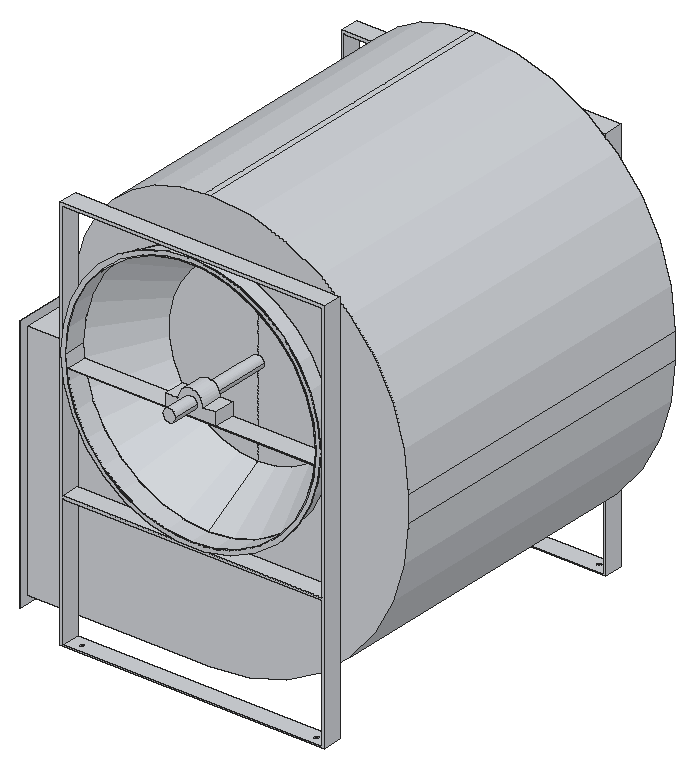
Revit family "CAF_DWDI_CW_BHD", category Mechanical Equipment, Revit 2019
Family settings
  Round Connector Dimension = Use Radius
  Part Type = Normal
  Work Plane-Based = No
  Always vertical = Yes
  Cut with Voids When Loaded = No
  Shared = No
  Room Calculation Point = No
Parameters (values of type "730_CAF-DWDI_CW_BHD_CLASS_2")
  V+(D-(A+.25"))/2 = V + ((D - (A + 1/4")) / 2)  # 6 1/16"
  V = 3 7/16"
  Unit Weight [instance] = ""
  U-N = U - N  # 5/8"
  U = 9 5/8"
  T/2 = T / 2  # 55 13/16"
  T = 111 5/8"
  Sones [instance] = ""
  S/2 = S / 2  # 37"
  S = 74"
  R/2 = R / 2  # 41 25/32"
  R = 83 9/16"
  P = 126 3/4"
  N = 9"
  Motor RPM [instance] = ""
  Motor Enclosure [instance] = ""
  ModelID [instance] = ""
  M = 117 1/8"
  LwA [instance] = ""
  L = 58 9/16"
  K/2 = K / 2  # 17/32"
  K = 1 1/16"
  J = 63 1/2"
  INLET/4 = INLET / 4  # 19 3/4"
  INLET/2 = INLET / 2  # 39 1/2"
  INLET = 79"
  H-J = H - J  # 57 1/4"
  H = 120 3/4"
  G-(R/2) = G - (R / 2)  # 41 21/32"
  G-(INLET/2)-1.625" = G - (INLET / 2) - 1 1/2"  # 42 7/16"
  G+(INLET/2)+1.625" = G + (INLET / 2) + 1 1/2"  # 124 7/16"
  G = 83 7/16"
  Fan RPM [instance] = ""
  F = 139 5/16"
  E/2 = E / 2  # 55 1/16"
  E = 110 1/8"
  D/2 = D / 2  # 40 21/32"
  D = 81 5/16"
  C/2 = C / 2  # 1 31/32"
  C+C = C + C  # 7 7/8"
  C = 3 15/16"
  BOTTOM = J / 2  # 31 3/4"
  B/2 = B / 2  # 52 3/8"
  B+.25" = B + 1/4"  # 105"
  B = 104 3/4"
  Accessories [instance] = ""
  A/2 = A / 2  # 37 29/32"
  A+.25" = A + 1/4"  # 76 1/16"
  A = 75 13/16"
  60 = 60.00°  # constant formula
  3" = 3"  # constant formula
  Brake Hp [instance] = ""
  D/7 = D / 9.5  # 8.55921"
  2' = 24"
  2" = 2"  # constant formula
  1" = 1"  # constant formula
  0 = 0"  # constant formula
  Voltage [instance] = 0 V
  URL = "www.lorencook.com"
  Type Comments = "Centrifugal Airfoil Blower Clockwise Bottom Horizontal Arrangement 3 Low Profile Class 2"
  Static Pressure [instance] = 0.00 in-wg
  Power [instance] = Voltage * Motor FLA * sqrt(if(Phase = 3, 3, 1))  # 0 VA
  Phase [instance] = 0
  Number of Poles [instance] = 1
  Motor Hp [instance] = "0"
  Motor FLA [instance] = 0 A
  Model = "CAF-DWDI"  # constant formula
  Manufacturer = "Loren Cook Company"
  CFM [instance] = 0 CFM
  1.5 = 1 1/2"  # constant formula
  ONE EIGTH = 1/8"  # constant formula
  -P = -P  # -126 3/4"
  -(B+.25")/2 = -(B + 1/4") / 2  # -52 1/2"
  (M-(B+.25")/2 = (M - (B + 1/4")) / 2  # 6 1/16"
  (INLET/2)-.125" = (INLET / 2) - 1/8"  # 39 3/8"
  (INLET/2)+1.625" = (INLET / 2) + 1 1/2"  # 41"
  (INLET/2)+1.5" = (INLET / 2) + 1 7/16"  # 40 15/16"
  (D-(A+.25"))/2 = (D - (A + 1/4")) / 2  # 2 5/8"
  (B+.25")/2 = (B + 1/4") / 2  # 52 1/2"
  (A+.25")/2 = (A + 1/4") / 2  # 38 1/32"
  ((M+U+U+N+N)-((B+.25")/2))/2 = ((M + U + U - N - N) - ((B + 1/4"))) / 2  # 6 11/16"
Reference planes (in)
  plane 1 "Center (Front/Back)": y = 0
  plane 2: z = 0
  plane 3 "Center (Left/Right)": x = 0.40541
Forms (in)
  Extrusion 1, solid
    sketch origin (0, 0, 0) x (1, 0, 0) y (0, 0, 1)
      loop
        line (-56.84459, 6.0625) -> (63.90541, 6.0625) -> (63.90541, 139.3125) -> (-48.28538, 139.3125) -> (-48.28538, 82.125) -> (-56.84459, 82.125) -> (-56.84459, 6.0625)
    from -52.5 <- "-(B+.25")/2" to 52.5 <- "(B+.25")/2"
  Extrusion 2, void
    sketch origin (0, 0, 0) x (1, 0, 0) y (0, 0, 1)
      loop
        line (-51.28538, 82.125) -> (-41.37584, 82.125) -> (-41.37584, 98.53125)
        arc (-41.37584, 98.53125) -> (-29.43129, 127.36795) -> (-0.59459, 139.3125) r 40.78125
        line (-0.59459, 139.3125) -> (1.40541, 139.3125)
        arc (1.40541, 139.3125) -> (45.59959, 121.00667) -> (63.90541, 76.8125) r 62.5
        line (63.90541, 76.8125) -> (63.90541, 68.5625)
        arc (63.90541, 68.5625) -> (45.59959, 24.36833) -> (1.40541, 6.0625) r 62.5
        line (1.40541, 6.0625) -> (-25.09459, 6.0625) -> (-25.09459, 0) -> (66.90541, 0) -> (66.90541, 142.3125) -> (-51.28538, 142.3125) -> (-51.28538, 82.125)
    from -52.5 <- "-(B+.25")/2" to 52.5 <- "(B+.25")/2"
  Revolve 3, void
    sketch origin (0.40541, 0, 0) x (0, 1, 0) y (0, 0, 1)
      loop
        line (52.5, 83.4375) -> (32.75, 83.4375) -> (32.75, 55.34017) -> (52.5, 43.9375) -> (52.5, 83.4375)
      loop
        line (-32.75, 83.4375) -> (-52.5, 83.4375) -> (-52.5, 43.9375) -> (-32.75, 55.34017) -> (-32.75, 83.4375)
      axis (52.5, 83.4375) -> (-52.5, 83.4375)
    angle from 0 to 360
  Extrusion 4, solid
    sketch origin (0, -52.5, 0) x (1, 0, 0) y (0, 0, 1)
      loop
        circle (0.40541, 83.4375) r 39.375
      loop
        circle (0.40541, 83.4375) r 39.5
    from 0 <- "0" to 6.6875 <- "((M+U+U+N+N)-((B+.25")/2))/2"
  Extrusion 5, solid
    sketch origin (0, 52.5, 0) x (-1, 0, 0) y (0, 0, 1)
      loop
        circle (-0.40541, 83.4375) r 39.375
      loop
        circle (-0.40541, 83.4375) r 39.5
    from 0 to 6.6875 <- "((M+U+U+N+N)-((B+.25")/2))/2"
  Extrusion 6, solid
    sketch origin (0, 52.5, 0) x (-1, 0, 0) y (0, 0, 1)
      loop
        line (-42.18666, 0) -> (41.37584, 0) -> (41.37584, 125.21875) -> (-42.18666, 125.21875) -> (-42.18666, 0)
      loop
        line (40.59459, 124.4375) -> (-41.40541, 124.4375) -> (-41.40541, 42.4375) -> (40.59459, 42.4375) -> (40.59459, 124.4375)
      loop
        line (-41.40541, 41.65625) -> (-41.40541, 0.125) -> (40.59459, 0.125) -> (40.59459, 41.65625) -> (-41.40541, 41.65625)
    from 0 to 6.0625 <- "(M-(B+.25")/2"
  Extrusion 7, solid
    sketch origin (0, -52.5, 0) x (1, 0, 0) y (0, 0, 1)
      loop
        line (-41.37584, 125.21875) -> (-41.37584, 0) -> (42.18666, 0) -> (42.18666, 125.21875) -> (-41.37584, 125.21875)
      loop
        line (41.40541, 0.125) -> (41.40541, 41.65625) -> (-40.59459, 41.65625) -> (-40.59459, 0.125) -> (41.40541, 0.125)
      loop
        line (-40.59459, 42.4375) -> (41.40541, 42.4375) -> (41.40541, 124.4375) -> (-40.59459, 124.4375) -> (-40.59459, 42.4375)
    from 0 to 6.0625 <- "(M-(B+.25")/2"
  Extrusion 8, solid
    sketch origin (0, -52.5, 0) x (1, 0, 0) y (0, 0, 1)
      loop
        arc (-38.77222, 79.5) -> (-38.76589, 79.43749) -> (-38.75945, 79.375) r 39.375
        line (-38.75945, 79.375) -> (39.57028, 79.375)
        arc (39.57028, 79.375) -> (39.57671, 79.43749) -> (39.58304, 79.5) r 39.375
        line (39.58304, 79.5) -> (-38.77222, 79.5)
    from 0 to 6.6875 <- "((M+U+U+N+N)-((B+.25")/2))/2"
  Extrusion 9, solid
    sketch origin (0, 52.5, 0) x (-1, 0, 0) y (0, 0, 1)
      loop
        arc (-39.58304, 79.5) -> (-39.57671, 79.43749) -> (-39.57028, 79.375) r 39.375
        line (-39.57028, 79.375) -> (38.75945, 79.375)
        arc (38.75945, 79.375) -> (38.76589, 79.43749) -> (38.77222, 79.5) r 39.375
        line (38.77222, 79.5) -> (-39.58304, 79.5)
    from 0 to 6.6875 <- "((M+U+U+N+N)-((B+.25")/2))/2"
  Extrusion 10, solid
    sketch origin (0, -52.5, 0) x (1, 0, 0) y (0, 0, 1)
      loop
        arc (4.34291, 83.4375) -> (0.40541, 87.375) -> (-3.53209, 83.4375) r 3.9375
        line (-3.53209, 83.4375) -> (-7.46959, 83.4375) -> (-7.46959, 79.5) -> (8.28041, 79.5) -> (8.28041, 83.4375) -> (4.34291, 83.4375)
    from 0 to 6.6875 <- "((M+U+U+N+N)-((B+.25")/2))/2"
  Extrusion 11, solid
    sketch origin (0, 52.5, 0) x (-1, 0, 0) y (0, 0, 1)
      loop
        arc (3.53209, 83.4375) -> (-0.40541, 87.375) -> (-4.34291, 83.4375) r 3.9375
        line (-4.34291, 83.4375) -> (-8.28041, 83.4375) -> (-8.28041, 79.5) -> (7.46959, 79.5) -> (7.46959, 83.4375) -> (3.53209, 83.4375)
    from 0 to 6.6875 <- "((M+U+U+N+N)-((B+.25")/2))/2"
  Extrusion 12, solid
    sketch origin (0, 59.1875, 0) x (-1, 0, 0) y (0, 0, 1)
      loop
        circle (-0.40541, 83.4375) r 1.96875
    from 0 to -126.75 <- "-P"
  Extrusion 13, solid
    sketch origin (0, 59.1875, 0) x (-1, 0, 0) y (0, 0, 1)
      loop
        circle (-0.40541, 83.4375) r 39.5
      loop
        circle (-0.40541, 83.4375) r 40.9375
    from 0 to -0.125
  Extrusion 14, solid
    sketch origin (0, -59.1875, 0) x (1, 0, 0) y (0, 0, 1)
      loop
        circle (0.40541, 83.4375) r 39.5
      loop
        circle (0.40541, 83.4375) r 40.9375
    from 0 to -0.125
  Extrusion 15, solid
    sketch origin (-56.84459, 0, 6.0625) x (0, 0, 1) y (0, 1, 0)
      loop
        line (78.6875, 55.0625) -> (-2.625, 55.0625) -> (-2.625, -55.0625) -> (78.6875, -55.0625) -> (78.6875, 55.0625)
    from 0 to -0.125
  Extrusion 16, void
    sketch origin (0, 0, 0) x (1, 0, 0) y (0, 1, 0)
      loop
        circle (37.40541, 55.8125) r 0.53125
      loop
        circle (-36.59459, 55.8125) r 0.53125
      loop
        circle (-36.59459, -55.8125) r 0.53125
      loop
        circle (37.40541, -55.8125) r 0.53125
    from 0 to 0.125
Cuts and joins
  Extrusion 2, Revolve 3 cuts Extrusion 1
  Extrusion 16 cuts Extrusion 6
  Extrusion 16 cuts Extrusion 7
Dimensions and locks (in)
  "H-J": plane 3 "Center (Left/Right)" to Extrusion 1 sketch curve
  "D/7": Extrusion 1 sketch curve to Extrusion 1 sketch curve
  "J": Extrusion 1 sketch curve to plane 3 "Center (Left/Right)"
  "F": Extrusion 1 sketch curve to level
  "0": Extrusion 2 sketch curve to level
  "A+.25"": Extrusion 1 sketch curve to Extrusion 1 sketch curve
  "BOTTOM": cut or joined group of Extrusion 1, Extrusion 2, Revolve 3 to Extrusion 2 sketch curve
  "0": Revolve 3 sketch curve to cut or joined group of Extrusion 1, Extrusion 2, Revolve 3  (x2)
  "INLET/4": cut or joined group of Extrusion 1, Extrusion 2, Revolve 3 to Revolve 3 sketch curve
  "G": level to Revolve 3 sketch curve  (x2)
  "INLET/2": Revolve 3 sketch curve to Revolve 3 sketch curve  (x2)
  "G": Revolve 3 sketch curve to level
  "INLET/4": Revolve 3 sketch curve to Revolve 3 sketch curve
  "0": Extrusion 4 sketch curve to plane 3 "Center (Left/Right)"  (x2)
  "G": Extrusion 4 sketch curve to level  (x2)
  "G": level to Extrusion 5 sketch curve  (x2)
  "0": Extrusion 5 sketch curve to plane 3 "Center (Left/Right)"  (x2)
  "R/2": Extrusion 6 sketch curve to plane 3 "Center (Left/Right)"
  "R/2": plane 3 "Center (Left/Right)" to Extrusion 6 sketch curve
  "R": Extrusion 6 sketch curve to Extrusion 6 sketch curve
  "G-(R/2)": level to Extrusion 6 sketch curve
  "ONE EIGTH": Extrusion 6 sketch curve to Extrusion 6 sketch curve
  "0": Extrusion 7 sketch curve to Extrusion 6  (x3)
  "0": Extrusion 6 to Extrusion 7 sketch curve  (x3)
  "0": Extrusion 8 sketch curve to plane 3 "Center (Left/Right)"  (x2)
  "G": Extrusion 8 sketch curve to level  (x2)
  "C": Extrusion 8 sketch curve to Extrusion 8 sketch curve
  "ONE EIGTH": Extrusion 8 sketch curve to Extrusion 8 sketch curve
  "0": Extrusion 9 sketch curve to plane 3 "Center (Left/Right)"  (x2)
  "G": level to Extrusion 9 sketch curve  (x2)
  "C": Extrusion 9 sketch curve to Extrusion 9 sketch curve
  "ONE EIGTH": Extrusion 9 sketch curve to Extrusion 9 sketch curve
  "0": Extrusion 10 sketch curve to Extrusion 8
  "G": Extrusion 10 sketch curve to level
  "0": Extrusion 10 sketch curve to Extrusion 10 sketch curve  (x2)
  "C+C": Extrusion 10 sketch curve to plane 3 "Center (Left/Right)"  (x2)
  "0": Extrusion 9 to Extrusion 11 sketch curve
  "0": Extrusion 11 sketch curve to Extrusion 11 sketch curve  (x2)
  "0": Extrusion 11 sketch curve to plane 3 "Center (Left/Right)"
  "G": level to Extrusion 11 sketch curve
  "C+C": Extrusion 11 sketch curve to plane 3 "Center (Left/Right)"
  "C+C": plane 3 "Center (Left/Right)" to Extrusion 11 sketch curve
  "0": Extrusion 12 sketch curve to plane 3 "Center (Left/Right)"
  "G": level to Extrusion 12 sketch curve
  "0": level to Extrusion 6 sketch curve
  "0": plane 3 "Center (Left/Right)" to Extrusion 10 sketch curve
  "(INLET/2)+1.625"": plane 3 "Center (Left/Right)" to Extrusion 7 sketch curve  (x2)
  "(INLET/2)+1.625"": Extrusion 7 sketch curve to plane 3 "Center (Left/Right)"  (x2)
  "G+(INLET/2)+1.625"": Extrusion 7 sketch curve to level
  "G-(INLET/2)-1.625"": Extrusion 7 sketch curve to level
  "(INLET/2)+1.625"": Extrusion 6 sketch curve to plane 3 "Center (Left/Right)"  (x2)
  "(INLET/2)+1.625"": plane 3 "Center (Left/Right)" to Extrusion 6 sketch curve  (x2)
  "G-(INLET/2)-1.625"": level to Extrusion 6 sketch curve
  "G+(INLET/2)+1.625"": level to Extrusion 6 sketch curve
  "0": Extrusion 13 sketch curve to plane 3 "Center (Left/Right)"  (x2)
  "G": level to Extrusion 13 sketch curve  (x2)
  "0": Extrusion 14 sketch curve to plane 3 "Center (Left/Right)"  (x2)
  "G": Extrusion 14 sketch curve to level  (x2)
  "E/2": Extrusion 15 sketch curve to plane 1 "Center (Front/Back)"
  "E/2": plane 1 "Center (Front/Back)" to Extrusion 15 sketch curve
  "D": Extrusion 15 sketch curve to Extrusion 15 sketch curve
  "V": Extrusion 15 sketch curve to level
  "V+(D-(A+.25"))/2": Extrusion 1 sketch curve to level
  "T/2": plane 1 "Center (Front/Back)" to Extrusion 16 sketch curve  (x4)
  "S/2": plane 3 "Center (Left/Right)" to Extrusion 16 sketch curve  (x4)
  "3"": cut or joined group of Extrusion 1, Extrusion 2, Revolve 3 to Extrusion 2 sketch curve  (x2)
  "3"": Extrusion 2 sketch curve to cut or joined group of Extrusion 1, Extrusion 2, Revolve 3
  "0": Extrusion 2 sketch curve to cut or joined group of Extrusion 7, Extrusion 16
  "0": cut or joined group of Extrusion 1, Extrusion 2, Revolve 3 to Extrusion 2 sketch curve  (x3)
  "1"": Extrusion 2 sketch curve to plane 3 "Center (Left/Right)"  (x2)
  "1"": plane 3 "Center (Left/Right)" to Extrusion 2 sketch curve
  "0": Extrusion 2 sketch curve to cut or joined group of Extrusion 1, Extrusion 2, Revolve 3
  "INLET/2": radius of Extrusion 4 sketch curve
  "(INLET/2)-.125"": radius of Extrusion 4 sketch curve
  "INLET/2": radius of Extrusion 5 sketch curve
  "(INLET/2)-.125"": radius of Extrusion 5 sketch curve
  "(INLET/2)-.125"": radius of Extrusion 8 sketch curve  (x2)
  "(INLET/2)-.125"": radius of Extrusion 9 sketch curve  (x2)
  "C": radius of Extrusion 10 sketch curve
  "C": radius of Extrusion 11 sketch curve
  "C/2": radius of Extrusion 12 sketch curve
  "(INLET/2)+1.5"": radius of Extrusion 13 sketch curve
  "INLET/2": radius of Extrusion 13 sketch curve
  "(INLET/2)+1.5"": radius of Extrusion 14 sketch curve
  "INLET/2": radius of Extrusion 14 sketch curve
  "K/2": radius of Extrusion 16 sketch curve  (x4)
  "60": angle Revolve 3 sketch curve to cut or joined group of Extrusion 1, Extrusion 2, Revolve 3
  "60": angle cut or joined group of Extrusion 1, Extrusion 2, Revolve 3 to Revolve 3 sketch curve
Automatic sketch dimensions
  Revolve 3 sketch curve to Revolve 3 sketch curve = 0"  (x2)
Connectors (in)
  hvac at (-56.84459, 0, 44.09375), driven by "B", driven by "A", driven by "CFM"
    settings: on cut or joined group of Extrusion 1, Extrusion 2, Revolve 3, index 1, duct flow 0 CFM, flow factor 0, pres drop 0.00 in-wg, loss coef 0, conn angle 0.00°, conn width 104 3/4", conn height 75 13/16", conn diameter 24", duct sys type 29, conn prof type 1, flow config 0, flow direction 2, loss method 0, conn ref index -1, conn util no, is conn primary yes, conn desc ""
  hvac at (0.40541, -59.0625, 83.4375), driven by "INLET/2"
    settings: on Extrusion 14, index 2, duct flow 0 CFM, flow factor 0, pres drop 0.00 in-wg, loss coef 0, conn angle 0.00°, conn width 12", conn height 12", conn diameter 79", duct sys type 29, conn prof type 0, flow config 0, flow direction 1, loss method 0, conn ref index -1, conn util no, is conn primary no, conn desc ""
  hvac at (0.40541, 59.1875, 83.4375), driven by "INLET/2"
    settings: on Extrusion 5, index 3, duct flow 0 CFM, flow factor 0, pres drop 0.00 in-wg, loss coef 0, conn angle 0.00°, conn width 12", conn height 12", conn diameter 79", duct sys type 29, conn prof type 0, flow config 0, flow direction 1, loss method 0, conn ref index -1, conn util no, is conn primary no, conn desc ""
Types (59): name | V+(D-(A+.25"))/2 | V | U-N | U | T/2 | T | S/2 | S | R/2 | R | P | N | M | L | K/2 | K | J | INLET/4 | INLET/2 | INLET | H-J | H | G-(R/2) | G-(INLET/2)-1.625" | G+(INLET/2)+1.625" | G | F | E/2 | E | D/2 | D | C/2 | C+C | C | BOTTOM | B/2 | B+.25" | B | A/2 | A+.25" | A | D/7 | Type Comments | -P | -(B+.25")/2 | (M-(B+.25")/2 | (INLET/2)-.125" | (INLET/2)+1.625" | (INLET/2)+1.5" | (D-(A+.25"))/2 | (B+.25")/2 | (A+.25")/2 | ((M+U+U+N+N)-((B+.25")/2))/2
  (no name) | 6 1/16" | 3 7/16" | 5/8" | 9 5/8" | 55 13/16" | 111 5/8" | 37" | 74" | 41 25/32" | 83 9/16" | 126 3/4" | 9" | 117 1/8" | 58 9/16" | 17/32" | 1 1/16" | 63 1/2" | 19 3/4" | 39 1/2" | 79" | 57 1/4" | 120 3/4" | 41 21/32" | 42 7/16" | 124 7/16" | 83 7/16" | 139 5/16" | 55 1/16" | 110 1/8" | 40 21/32" | 81 5/16" | 1 31/32" | 7 7/8" | 3 15/16" | 31 3/4" | 52 3/8" | 105" | 104 3/4" | 37 29/32" | 76 1/16" | 75 13/16" | 8.55921" | "Centrifugal Airfoil Blower Clockwise Bottom Horizontal Arrangement 3 Low Profile Class 2" | -126 3/4" | -52 1/2" | 6 1/16" | 39 3/8" | 41" | 40 15/16" | 2 5/8" | 52 1/2" | 38 1/32" | 6 11/16"
  120_CAF-DWDI_CW_BHD_CLASS_1 | 1 15/16" | 1" | 1 9/16" | 4 5/16" | 9 3/4" | 19 1/2" | 7 7/16" | 14 7/8" | 9 5/8" | 19 1/4" | 26 11/16" | 2 3/4" | 20 13/16" | 10 7/16" | 9/32" | 9/16" | 10 7/16" | 4 1/32" | 8 1/16" | 16 1/8" | 9 5/8" | 20 1/16" | 5 1/8" | 5 3/16" | 24 5/16" | 14 3/4" | 24" | 9 29/32" | 19 13/16" | 7 1/8" | 14 1/4" | 23/32" | 2 7/8" | 1 7/16" | 5 7/32" | 8 27/32" | 17 15/16" | 17 11/16" | 6 1/16" | 12 3/8" | 12 1/8" | 1 1/2" | "Centrifugal Airfoil Blower Clockwise Bottom Horizontal Arrangement 3 Low Profile Class 1" | -26 11/16" | -8 31/32" | 1 7/16" | 7 15/16" | 9 9/16" | 9 1/2" | 15/16" | 8 31/32" | 6 3/16" | 3"
  135_CAF-DWDI_CW_BHD_CLASS_1 | 1 15/16" | 1" | 1 9/16" | 4 5/16" | 10 7/8" | 21 3/4" | 8 5/16" | 16 5/8" | 10 1/2" | 21" | 28 15/16" | 2 3/4" | 23 1/16" | 11 9/16" | 9/32" | 9/16" | 11 3/4" | 4 13/32" | 8 13/16" | 17 5/8" | 10 13/16" | 22 9/16" | 5 13/16" | 6" | 26 5/8" | 16 5/16" | 26 11/16" | 11 1/32" | 22 1/16" | 7 7/8" | 15 3/4" | 23/32" | 2 7/8" | 1 7/16" | 5 7/8" | 9 31/32" | 20 3/16" | 19 15/16" | 6 13/16" | 13 7/8" | 13 5/8" | 1.65789" | "Centrifugal Airfoil Blower Clockwise Bottom Horizontal Arrangement 3 Low Profile Class 1" | -28 15/16" | -10 3/32" | 1 7/16" | 8 11/16" | 10 5/16" | 10 1/4" | 15/16" | 10 3/32" | 6 15/16" | 3"
  150_CAF-DWDI_CW_BHD_CLASS_1 | 1 15/16" | 1" | 1 1/16" | 4 7/16" | 12 3/16" | 24 3/8" | 8 7/8" | 17 3/4" | 11 1/4" | 22 1/2" | 31 5/8" | 3 3/8" | 26 1/8" | 13 1/16" | 9/32" | 9/16" | 13 1/16" | 4 25/32" | 9 9/16" | 19 1/8" | 12" | 25 1/16" | 6 11/16" | 6 7/8" | 29" | 17 15/16" | 29 7/16" | 12 1/16" | 24 1/8" | 8 11/16" | 17 3/8" | 23/32" | 2 7/8" | 1 7/16" | 6 17/32" | 11" | 22 1/4" | 22" | 7 5/8" | 15 1/2" | 15 1/4" | 1.82895" | "Centrifugal Airfoil Blower Clockwise Bottom Horizontal Arrangement 3 Low Profile Class 1" | -31 5/8" | -11 1/8" | 1 15/16" | 9 7/16" | 11 1/16" | 11" | 15/16" | 11 1/8" | 7 3/4" | 3"
  165_CAF-DWDI_CW_BHD_CLASS_1 | 1 15/16" | 1" | 1 1/16" | 4 7/16" | 13 3/16" | 26 3/8" | 9 3/4" | 19 1/2" | 12 1/8" | 24 1/4" | 33 11/16" | 3 3/8" | 28 1/8" | 14 1/16" | 15/32" | 15/16" | 14 3/8" | 5 19/64" | 10 19/32" | 21 3/16" | 13 1/8" | 27 1/2" | 7 3/8" | 7 13/32" | 31 19/32" | 19 1/2" | 32 3/16" | 13 1/16" | 26 1/8" | 9 17/32" | 19 1/16" | 27/32" | 3 3/8" | 1 11/16" | 7 3/16" | 12" | 24 1/4" | 24" | 8 15/32" | 17 3/16" | 16 15/16" | 2.00658" | "Centrifugal Airfoil Blower Clockwise Bottom Horizontal Arrangement 3 Low Profile Class 1" | -33 11/16" | -12 1/8" | 1 15/16" | 10 15/32" | 12 3/32" | 12 1/32" | 15/16" | 12 1/8" | 8 19/32" | 3"
  180_CAF-DWDI_CW_BHD_CLASS_1 | 1 15/16" | 1" | 1 1/16" | 4 13/16" | 14 7/32" | 28 7/16" | 10 1/2" | 21" | 13 3/8" | 26 3/4" | 36 1/8" | 3 3/4" | 30 3/16" | 15 1/8" | 15/32" | 15/16" | 15 11/16" | 5 43/64" | 11 11/32" | 22 11/16" | 14 5/16" | 30" | 7 3/4" | 8 9/32" | 33 31/32" | 21 1/8" | 34 15/16" | 14 3/32" | 28 3/16" | 10 5/16" | 20 5/8" | 27/32" | 3 3/8" | 1 11/16" | 7 27/32" | 13 1/32" | 26 5/16" | 26 1/16" | 9 1/4" | 18 3/4" | 18 1/2" | 2.17105" | "Centrifugal Airfoil Blower Clockwise Bottom Horizontal Arrangement 3 Low Profile Class 1" | -36 1/8" | -13 5/32" | 1 15/16" | 11 7/32" | 12 27/32" | 12 25/32" | 15/16" | 13 5/32" | 9 3/8" | 3"
  195_CAF-DWDI_CW_BHD_CLASS_1 | 1 31/32" | 1" | 1 1/16" | 4 13/16" | 15 13/32" | 30 13/16" | 11 3/8" | 22 3/4" | 14 1/4" | 28 1/2" | 38 1/2" | 3 3/4" | 32 9/16" | 16 5/16" | 15/32" | 15/16" | 16 15/16" | 6 3/64" | 12 3/32" | 24 3/16" | 15 1/2" | 32 7/16" | 8 1/2" | 9 5/32" | 36 11/32" | 22 3/4" | 37 11/16" | 15 5/16" | 30 5/8" | 10 27/32" | 21 11/16" | 27/32" | 3 3/8" | 1 11/16" | 8 15/32" | 14 7/32" | 28 11/16" | 28 7/16" | 9 3/4" | 19 3/4" | 19 1/2" | 2.28289" | "Centrifugal Airfoil Blower Clockwise Bottom Horizontal Arrangement 3 Low Profile Class 1" | -38 1/2" | -14 11/32" | 1 15/16" | 11 31/32" | 13 19/32" | 13 17/32" | 31/32" | 14 11/32" | 9 7/8" | 3"
  210_CAF-DWDI_CW_BHD_CLASS_1 | 1 31/32" | 1" | 2 1/16" | 5 13/16" | 16 3/8" | 32 3/4" | 12 1/8" | 24 1/4" | 15" | 30" | 41 7/16" | 3 3/4" | 34 1/2" | 17 1/4" | 15/32" | 15/16" | 18 1/4" | 6 31/64" | 12 31/32" | 25 15/16" | 16 11/16" | 34 15/16" | 9 3/8" | 9 29/32" | 38 27/32" | 24 3/8" | 40 1/2" | 16 9/32" | 32 9/16" | 11 29/32" | 23 13/16" | 27/32" | 3 3/8" | 1 11/16" | 9 1/8" | 15 3/16" | 30 5/8" | 30 3/8" | 10 13/16" | 21 7/8" | 21 5/8" | 2.50658" | "Centrifugal Airfoil Blower Clockwise Bottom Horizontal Arrangement 3 Low Profile Class 1" | -41 7/16" | -15 5/16" | 1 15/16" | 12 27/32" | 14 15/32" | 14 13/32" | 31/32" | 15 5/16" | 10 15/16" | 4"
  225_CAF-DWDI_CW_BHD_CLASS_1 | 2 15/32" | 1" | 2 1/16" | 6 5/16" | 17 7/16" | 34 7/8" | 13" | 26" | 15 7/8" | 31 3/4" | 44 1/16" | 4 1/4" | 36 5/8" | 18 5/16" | 15/32" | 15/16" | 19 9/16" | 6 55/64" | 13 23/32" | 27 7/16" | 17 13/16" | 37 3/8" | 10 9/16" | 11 7/32" | 41 21/32" | 26 7/16" | 43 11/16" | 17 27/32" | 35 11/16" | 13 3/16" | 26 3/8" | 31/32" | 3 7/8" | 1 15/16" | 9 25/32" | 16 1/4" | 32 3/4" | 32 1/2" | 11 19/32" | 23 7/16" | 23 3/16" | 2.77632" | "Centrifugal Airfoil Blower Clockwise Bottom Horizontal Arrangement 3 Low Profile Class 1" | -44 1/16" | -16 3/8" | 1 15/16" | 13 19/32" | 15 7/32" | 15 5/32" | 1 15/32" | 16 3/8" | 11 23/32" | 4"
  245_CAF-DWDI_CW_BHD_CLASS_1 | 2 15/32" | 1" | 2 1/16" | 6 5/16" | 18 23/32" | 37 7/16" | 14" | 28" | 16 7/8" | 33 3/4" | 46 5/8" | 4 1/4" | 39 3/16" | 19 5/8" | 15/32" | 15/16" | 21 5/16" | 7 23/64" | 14 23/32" | 29 7/16" | 19 3/8" | 40 11/16" | 11 11/16" | 12 11/32" | 44 25/32" | 28 9/16" | 47 5/16" | 19 1/8" | 38 1/4" | 14 11/32" | 28 11/16" | 31/32" | 3 7/8" | 1 15/16" | 10 21/32" | 17 17/32" | 35 5/16" | 35 1/16" | 12 3/4" | 25 3/4" | 25 1/2" | 3.01974" | "Centrifugal Airfoil Blower Clockwise Bottom Horizontal Arrangement 3 Low Profile Class 1" | -46 5/8" | -17 21/32" | 1 15/16" | 14 19/32" | 16 7/32" | 16 5/32" | 1 15/32" | 17 21/32" | 12 7/8" | 4"
  270_CAF-DWDI_CW_BHD_CLASS_1 | 2 15/32" | 1" | 2 1/16" | 6 5/16" | 21 5/32" | 42 5/16" | 15 1/8" | 30 1/4" | 18 3/4" | 37 1/2" | 51 1/2" | 4 1/4" | 44 9/16" | 22 5/16" | 15/32" | 15/16" | 23 1/2" | 7 63/64" | 15 31/32" | 31 15/16" | 21 5/16" | 44 13/16" | 12 7/16" | 13 23/32" | 48 21/32" | 31 3/16" | 51 7/8" | 21 5/16" | 42 5/8" | 15 11/32" | 30 11/16" | 1 3/32" | 4 3/8" | 2 3/16" | 11 3/4" | 19 23/32" | 39 11/16" | 39 7/16" | 13 3/4" | 27 3/4" | 27 1/2" | 3.23026" | "Centrifugal Airfoil Blower Clockwise Bottom Horizontal Arrangement 3 Low Profile Class 1" | -51 1/2" | -19 27/32" | 2 7/16" | 15 27/32" | 17 15/32" | 17 13/32" | 1 15/32" | 19 27/32" | 13 7/8" | 4 1/2"
  300_CAF-DWDI_CW_BHD_CLASS_1 | 2 15/32" | 1" | 2 1/8" | 6 3/8" | 22 15/16" | 45 7/8" | 16 5/8" | 33 1/4" | 20 1/4" | 40 1/2" | 55 1/8" | 4 1/4" | 48 1/8" | 24 1/16" | 15/32" | 15/16" | 26 1/16" | 8 47/64" | 17 15/32" | 34 15/16" | 23 11/16" | 49 3/4" | 14 1/8" | 15 13/32" | 53 11/32" | 34 3/8" | 57 5/16" | 23 3/32" | 46 3/16" | 17 3/16" | 34 3/8" | 1 3/32" | 4 3/8" | 2 3/16" | 13 1/32" | 21 1/2" | 43 1/4" | 43" | 15 19/32" | 31 7/16" | 31 3/16" | 3.61842" | "Centrifugal Airfoil Blower Clockwise Bottom Horizontal Arrangement 3 Low Profile Class 1" | -55 1/8" | -21 5/8" | 2 7/16" | 17 11/32" | 18 31/32" | 18 29/32" | 1 15/32" | 21 5/8" | 15 23/32" | 4 9/16"
  330_CAF-DWDI_CW_BHD_CLASS_1 | 3" | 1" | 1 5/8" | 6" | 25 9/32" | 50 9/16" | 18 1/16" | 36 1/8" | 20 25/32" | 41 9/16" | 59 5/16" | 4 3/8" | 53 3/16" | 26 5/8" | 15/32" | 15/16" | 28 11/16" | 9 31/64" | 18 31/32" | 37 15/16" | 26" | 54 11/16" | 17 9/32" | 17 19/32" | 58 17/32" | 38 1/16" | 63 5/16" | 25 21/32" | 51 5/16" | 19 3/8" | 38 3/4" | 1 7/32" | 4 7/8" | 2 7/16" | 14 11/32" | 23 17/32" | 47 5/16" | 47 1/16" | 17 1/4" | 34 3/4" | 34 1/2" | 4.07895" | "Centrifugal Airfoil Blower Clockwise Bottom Horizontal Arrangement 3 Low Profile Class 1" | -59 5/16" | -23 21/32" | 2 15/16" | 18 27/32" | 20 15/32" | 20 13/32" | 2" | 23 21/32" | 17 3/8" | 4 9/16"
  365_CAF-DWDI_CW_BHD_CLASS_1 | 3" | 1" | 2 1/8" | 6 7/8" | 27 27/32" | 55 11/16" | 19 15/16" | 39 7/8" | 22 21/32" | 45 5/16" | 65 5/16" | 4 3/4" | 58 5/16" | 29 3/16" | 15/32" | 15/16" | 31 3/4" | 10 23/64" | 20 23/32" | 41 7/16" | 28 3/4" | 60 1/2" | 19 5/32" | 19 19/32" | 64 1/32" | 41 13/16" | 69 11/16" | 28 7/32" | 56 7/16" | 21 15/32" | 42 15/16" | 1 11/32" | 5 3/8" | 2 11/16" | 15 7/8" | 26 3/32" | 52 7/16" | 52 3/16" | 19 11/32" | 38 15/16" | 38 11/16" | 4.51974" | "Centrifugal Airfoil Blower Clockwise Bottom Horizontal Arrangement 3 Low Profile Class 1" | -65 5/16" | -26 7/32" | 2 15/16" | 20 19/32" | 22 7/32" | 22 5/32" | 2" | 26 7/32" | 19 15/32" | 5 1/16"
  402_CAF-DWDI_CW_BHD_CLASS_1 | 3 31/32" | 1 15/16" | 1 1/8" | 6" | 31 7/32" | 62 7/16" | 21 1/2" | 43" | 24 27/32" | 49 11/16" | 71 15/16" | 4 7/8" | 65 15/16" | 33" | 15/32" | 15/16" | 34 15/16" | 11 19/64" | 22 19/32" | 45 3/16" | 31 5/8" | 66 9/16" | 21 25/32" | 22 17/32" | 70 23/32" | 46 5/8" | 77 3/8" | 31" | 62" | 23 1/32" | 46 1/16" | 1 15/32" | 5 7/8" | 2 15/16" | 17 15/32" | 28 29/32" | 58 1/16" | 57 13/16" | 20 7/8" | 42" | 41 3/4" | 4.84868" | "Centrifugal Airfoil Blower Clockwise Bottom Horizontal Arrangement 3 Low Profile Class 1" | -71 15/16" | -29 1/32" | 3 15/16" | 22 15/32" | 24 3/32" | 24 1/32" | 2 1/32" | 29 1/32" | 21" | 5 1/16"
  445_CAF-DWDI_CW_BHD_CLASS_1 | 4" | 1 15/16" | 1 1/8" | 6 7/8" | 34 15/32" | 68 15/16" | 23 5/8" | 47 1/4" | 26 31/32" | 53 15/16" | 79 5/16" | 5 3/4" | 72 7/16" | 36 1/4" | 17/32" | 1 1/16" | 38 11/16" | 12 23/64" | 24 23/32" | 49 7/16" | 35" | 73 11/16" | 24 7/32" | 24 31/32" | 77 13/32" | 51 3/16" | 85 1/4" | 34 9/32" | 68 9/16" | 25 5/32" | 50 5/16" | 1 15/32" | 5 7/8" | 2 15/16" | 19 11/32" | 32 1/8" | 64 1/2" | 64 1/4" | 22 31/32" | 46 3/16" | 45 15/16" | 5.29605" | "Centrifugal Airfoil Blower Clockwise Bottom Horizontal Arrangement 3 Low Profile Class 1" | -79 5/16" | -32 1/4" | 3 31/32" | 24 19/32" | 26 7/32" | 26 5/32" | 2 1/16" | 32 1/4" | 23 3/32" | 5 3/32"
  490_CAF-DWDI_CW_BHD_CLASS_1 | 4" | 1 15/16" | 1 1/8" | 7" | 37 13/32" | 74 13/16" | 26" | 52" | 29 11/32" | 58 11/16" | 85 5/16" | 5 7/8" | 78 5/16" | 39 3/16" | 17/32" | 1 1/16" | 42 9/16" | 13 3/4" | 27 1/2" | 55" | 38 9/16" | 81 1/8" | 26 19/32" | 26 15/16" | 84 15/16" | 55 15/16" | 93 7/16" | 37 7/32" | 74 7/16" | 27 11/16" | 55 3/8" | 1 23/32" | 6 7/8" | 3 7/16" | 21 9/32" | 35 1/16" | 70 3/8" | 70 1/8" | 25 1/2" | 51 1/4" | 51" | 5.82895" | "Centrifugal Airfoil Blower Clockwise Bottom Horizontal Arrangement 3 Low Profile Class 1" | -85 5/16" | -35 3/16" | 3 31/32" | 27 3/8" | 29" | 28 15/16" | 2 1/16" | 35 3/16" | 25 5/8" | 5 3/32"
  540_CAF-DWDI_CW_BHD_CLASS_1 | 4" | 1 15/16" | 1 1/8" | 7 3/8" | 41 5/16" | 82 5/8" | 28 1/2" | 57" | 31 27/32" | 63 11/16" | 93 1/2" | 6 1/4" | 86 1/8" | 43 1/16" | 17/32" | 1 1/16" | 46 15/16" | 15" | 30" | 60" | 42 7/16" | 89 3/8" | 29 13/32" | 29 3/4" | 92 3/4" | 61 1/4" | 102 9/16" | 41 3/32" | 82 3/16" | 30 1/16" | 60 1/8" | 1 15/32" | 5 7/8" | 2 15/16" | 23 15/32" | 38 31/32" | 78 3/16" | 77 15/16" | 27 7/8" | 56" | 55 3/4" | 6.32895" | "Centrifugal Airfoil Blower Clockwise Bottom Horizontal Arrangement 3 Low Profile Class 1" | -93 1/2" | -39 3/32" | 3 31/32" | 29 7/8" | 31 1/2" | 31 7/16" | 2 1/16" | 39 3/32" | 28" | 5 3/32"
  600_CAF-DWDI_CW_BHD_CLASS_1 | 5" | 2 15/16" | 1/8" | 6 3/8" | 46" | 92" | 31" | 62" | 35" | 70" | 102 7/8" | 6 1/4" | 96 1/2" | 48 1/4" | 17/32" | 1 1/16" | 52 3/16" | 16 1/2" | 33" | 66" | 47 1/8" | 99 5/16" | 33 5/8" | 34 1/8" | 103 1/8" | 68 5/8" | 114 9/16" | 45 9/32" | 90 9/16" | 33 9/32" | 66 9/16" | 1 15/32" | 5 7/8" | 2 15/16" | 26 3/32" | 43 1/8" | 86 1/2" | 86 1/4" | 31 3/32" | 62 7/16" | 62 3/16" | 7.00658" | "Centrifugal Airfoil Blower Clockwise Bottom Horizontal Arrangement 3 Low Profile Class 1" | -102 7/8" | -43 1/4" | 5" | 32 7/8" | 34 1/2" | 34 7/16" | 2 1/16" | 43 1/4" | 31 7/32" | 5 1/8"
  660_CAF-DWDI_CW_BHD_CLASS_1 | 6" | 3 15/16" | 5/8" | 10" | 50 13/16" | 101 5/8" | 33 1/2" | 67" | 38 9/32" | 76 9/16" | 117 1/8" | 9 3/8" | 107 1/8" | 53 9/16" | 17/32" | 1 1/16" | 57 3/8" | 18" | 36" | 72" | 51 13/16" | 109 3/16" | 37 23/32" | 38 1/2" | 113 1/2" | 76" | 126 1/2" | 49 5/8" | 99 1/4" | 36 13/32" | 72 13/16" | 1 23/32" | 6 7/8" | 3 7/16" | 28 11/16" | 47 7/16" | 95 1/8" | 94 7/8" | 34 7/32" | 68 11/16" | 68 7/16" | 7.66447" | "Centrifugal Airfoil Blower Clockwise Bottom Horizontal Arrangement 3 Low Profile Class 1" | -117 1/8" | -47 9/16" | 6" | 35 7/8" | 37 1/2" | 37 7/16" | 2 1/16" | 47 9/16" | 34 11/32" | 6 5/8"
  730_CAF-DWDI_CW_BHD_CLASS_1 | 6" | 3 7/16" | 5/8" | 10" | 55 3/4" | 111 1/2" | 37" | 74" | 41 25/32" | 83 9/16" | 127" | 9 3/8" | 117" | 58 1/2" | 17/32" | 1 1/16" | 63 7/16" | 19 3/4" | 39 1/2" | 79" | 57 1/4" | 120 11/16" | 41 19/32" | 42 3/8" | 124 3/8" | 83 3/8" | 139 3/16" | 55 1/16" | 110 1/8" | 40 19/32" | 81 3/16" | 1 23/32" | 6 7/8" | 3 7/16" | 31 23/32" | 52 3/8" | 105" | 104 3/4" | 37 29/32" | 76 1/16" | 75 13/16" | 8.54605" | "Centrifugal Airfoil Blower Clockwise Bottom Horizontal Arrangement 3 Low Profile Class 1" | -127" | -52 1/2" | 6" | 39 3/8" | 41" | 40 15/16" | 2 9/16" | 52 1/2" | 38 1/32" | 6 5/8"
  120_CAF-DWDI_CW_BHD_CLASS_2 | 1 15/16" | 1" | 1 9/16" | 5 5/16" | 10" | 20" | 7 3/16" | 14 3/8" | 9 5/8" | 19 1/4" | 28 3/16" | 3 3/4" | 21 13/16" | 10 15/16" | 15/32" | 15/16" | 10 7/16" | 4 1/32" | 8 1/16" | 16 1/8" | 9 5/8" | 20 1/16" | 5 1/8" | 5 3/16" | 24 5/16" | 14 3/4" | 24" | 9 29/32" | 19 13/16" | 7 1/8" | 14 1/4" | 23/32" | 2 7/8" | 1 7/16" | 5 7/32" | 8 27/32" | 17 15/16" | 17 11/16" | 6 1/16" | 12 3/8" | 12 1/8" | 1 1/2" | "Centrifugal Airfoil Blower Clockwise Bottom Horizontal Arrangement 3 Low Profile Class 2" | -28 3/16" | -8 31/32" | 1 15/16" | 7 15/16" | 9 9/16" | 9 1/2" | 15/16" | 8 31/32" | 6 3/16" | 3 1/2"
  135_CAF-DWDI_CW_BHD_CLASS_2 | 2" | 1 1/16" | 1 9/16" | 5 7/16" | 11 1/8" | 22 1/4" | 8 1/16" | 16 1/8" | 10 1/2" | 21" | 30 9/16" | 3 7/8" | 24 1/16" | 12 1/16" | 15/32" | 15/16" | 11 3/4" | 4 13/32" | 8 13/16" | 17 5/8" | 10 13/16" | 22 9/16" | 5 15/16" | 6 1/8" | 26 3/4" | 16 7/16" | 26 13/16" | 11 1/32" | 22 1/16" | 7 7/8" | 15 3/4" | 23/32" | 2 7/8" | 1 7/16" | 5 7/8" | 9 31/32" | 20 3/16" | 19 15/16" | 6 13/16" | 13 7/8" | 13 5/8" | 1.65789" | "Centrifugal Airfoil Blower Clockwise Bottom Horizontal Arrangement 3 Low Profile Class 2" | -30 9/16" | -10 3/32" | 1 15/16" | 8 11/16" | 10 5/16" | 10 1/4" | 15/16" | 10 3/32" | 6 15/16" | 3 1/2"
  150_CAF-DWDI_CW_BHD_CLASS_2 | 1 15/16" | 1" | 2 1/16" | 5 15/16" | 12 3/16" | 24 3/8" | 8 7/8" | 17 3/4" | 11 3/4" | 23 1/2" | 33 1/8" | 3 7/8" | 26 1/8" | 13 1/16" | 15/32" | 15/16" | 13 1/16" | 4 25/32" | 9 9/16" | 19 1/8" | 12" | 25 1/16" | 6 3/16" | 6 7/8" | 29" | 17 15/16" | 29 7/16" | 12 1/16" | 24 1/8" | 8 11/16" | 17 3/8" | 31/32" | 3 7/8" | 1 15/16" | 6 17/32" | 11" | 22 1/4" | 22" | 7 5/8" | 15 1/2" | 15 1/4" | 1.82895" | "Centrifugal Airfoil Blower Clockwise Bottom Horizontal Arrangement 3 Low Profile Class 2" | -33 1/8" | -11 1/8" | 1 15/16" | 9 7/16" | 11 1/16" | 11" | 15/16" | 11 1/8" | 7 3/4" | 4"
  165_CAF-DWDI_CW_BHD_CLASS_2 | 1 15/16" | 1" | 2 1/16" | 5 15/16" | 13 3/16" | 26 3/8" | 9 3/4" | 19 1/2" | 12 5/8" | 25 1/4" | 35 3/16" | 3 7/8" | 28 1/8" | 14 1/16" | 15/32" | 15/16" | 14 3/8" | 5 19/64" | 10 19/32" | 21 3/16" | 13 1/8" | 27 1/2" | 6 7/8" | 7 13/32" | 31 19/32" | 19 1/2" | 32 3/16" | 13 1/16" | 26 1/8" | 9 17/32" | 19 1/16" | 31/32" | 3 7/8" | 1 15/16" | 7 3/16" | 12" | 24 1/4" | 24" | 8 15/32" | 17 3/16" | 16 15/16" | 2.00658" | "Centrifugal Airfoil Blower Clockwise Bottom Horizontal Arrangement 3 Low Profile Class 2" | -35 3/16" | -12 1/8" | 1 15/16" | 10 15/32" | 12 3/32" | 12 1/32" | 15/16" | 12 1/8" | 8 19/32" | 4"
  180_CAF-DWDI_CW_BHD_CLASS_2 | 1 15/16" | 1" | 2 1/16" | 5 15/16" | 14 7/32" | 28 7/16" | 10 1/2" | 21" | 13 3/8" | 26 3/4" | 37 1/4" | 3 7/8" | 30 3/16" | 15 1/8" | 15/32" | 15/16" | 15 11/16" | 5 43/64" | 11 11/32" | 22 11/16" | 14 5/16" | 30" | 7 3/4" | 8 9/32" | 33 31/32" | 21 1/8" | 34 15/16" | 14 3/32" | 28 3/16" | 10 5/16" | 20 5/8" | 31/32" | 3 7/8" | 1 15/16" | 7 27/32" | 13 1/32" | 26 5/16" | 26 1/16" | 9 1/4" | 18 3/4" | 18 1/2" | 2.17105" | "Centrifugal Airfoil Blower Clockwise Bottom Horizontal Arrangement 3 Low Profile Class 2" | -37 1/4" | -13 5/32" | 1 15/16" | 11 7/32" | 12 27/32" | 12 25/32" | 15/16" | 13 5/32" | 9 3/8" | 4"
  195_CAF-DWDI_CW_BHD_CLASS_2 | 1 31/32" | 1" | 2 1/16" | 5 15/16" | 15 13/32" | 30 13/16" | 11 3/8" | 22 3/4" | 14 1/4" | 28 1/2" | 39 5/8" | 3 7/8" | 32 9/16" | 16 5/16" | 15/32" | 15/16" | 16 15/16" | 6 3/64" | 12 3/32" | 24 3/16" | 15 1/2" | 32 7/16" | 8 1/2" | 9 5/32" | 36 11/32" | 22 3/4" | 37 11/16" | 15 5/16" | 30 5/8" | 10 27/32" | 21 11/16" | 31/32" | 3 7/8" | 1 15/16" | 8 15/32" | 14 7/32" | 28 11/16" | 28 7/16" | 9 3/4" | 19 3/4" | 19 1/2" | 2.28289" | "Centrifugal Airfoil Blower Clockwise Bottom Horizontal Arrangement 3 Low Profile Class 2" | -39 5/8" | -14 11/32" | 1 15/16" | 11 31/32" | 13 19/32" | 13 17/32" | 31/32" | 14 11/32" | 9 7/8" | 4"
  210_CAF-DWDI_CW_BHD_CLASS_2 | 1 31/32" | 1" | 2 9/16" | 6 13/16" | 16 3/8" | 32 3/4" | 12 1/8" | 24 1/4" | 15" | 30" | 42 7/16" | 4 1/4" | 34 1/2" | 17 1/4" | 15/32" | 15/16" | 18 1/4" | 6 31/64" | 12 31/32" | 25 15/16" | 16 11/16" | 34 15/16" | 9 3/8" | 9 29/32" | 38 27/32" | 24 3/8" | 40 7/16" | 16 9/32" | 32 9/16" | 11 29/32" | 23 13/16" | 1 3/32" | 4 3/8" | 2 3/16" | 9 1/8" | 15 3/16" | 30 5/8" | 30 3/8" | 10 13/16" | 21 7/8" | 21 5/8" | 2.50658" | "Centrifugal Airfoil Blower Clockwise Bottom Horizontal Arrangement 3 Low Profile Class 2" | -42 7/16" | -15 5/16" | 1 15/16" | 12 27/32" | 14 15/32" | 14 13/32" | 31/32" | 15 5/16" | 10 15/16" | 4 1/2"
  225_CAF-DWDI_CW_BHD_CLASS_2 | 2 15/32" | 1" | 2 9/16" | 6 13/16" | 17 7/16" | 34 7/8" | 13" | 26" | 15 7/8" | 31 3/4" | 44 9/16" | 4 1/4" | 36 5/8" | 18 5/16" | 15/32" | 15/16" | 19 9/16" | 6 55/64" | 13 23/32" | 27 7/16" | 17 13/16" | 37 3/8" | 10 9/16" | 11 7/32" | 41 21/32" | 26 7/16" | 43 11/16" | 17 27/32" | 35 11/16" | 13 3/16" | 26 3/8" | 1 3/32" | 4 3/8" | 2 3/16" | 9 25/32" | 16 1/4" | 32 3/4" | 32 1/2" | 11 19/32" | 23 7/16" | 23 3/16" | 2.77632" | "Centrifugal Airfoil Blower Clockwise Bottom Horizontal Arrangement 3 Low Profile Class 2" | -44 9/16" | -16 3/8" | 1 15/16" | 13 19/32" | 15 7/32" | 15 5/32" | 1 15/32" | 16 3/8" | 11 23/32" | 4 1/2"
  245_CAF-DWDI_CW_BHD_CLASS_2 | 2 15/32" | 1" | 2 9/16" | 6 15/16" | 18 23/32" | 37 7/16" | 14" | 28" | 16 7/8" | 33 3/4" | 47 1/4" | 4 3/8" | 39 3/16" | 19 5/8" | 15/32" | 15/16" | 21 5/16" | 7 23/64" | 14 23/32" | 29 7/16" | 19 3/8" | 40 11/16" | 11 11/16" | 12 11/32" | 44 25/32" | 28 9/16" | 47 5/16" | 19 1/8" | 38 1/4" | 14 11/32" | 28 11/16" | 1 7/32" | 4 7/8" | 2 7/16" | 10 21/32" | 17 17/32" | 35 5/16" | 35 1/16" | 12 3/4" | 25 3/4" | 25 1/2" | 3.01974" | "Centrifugal Airfoil Blower Clockwise Bottom Horizontal Arrangement 3 Low Profile Class 2" | -47 1/4" | -17 21/32" | 1 15/16" | 14 19/32" | 16 7/32" | 16 5/32" | 1 15/32" | 17 21/32" | 12 7/8" | 4 1/2"
  270_CAF-DWDI_CW_BHD_CLASS_2 | 2 15/32" | 1" | 2 1/16" | 6 7/16" | 21 5/32" | 42 5/16" | 15 1/8" | 30 1/4" | 18 3/4" | 37 1/2" | 51 5/8" | 4 3/8" | 44 9/16" | 22 5/16" | 15/32" | 15/16" | 23 1/2" | 7 63/64" | 15 31/32" | 31 15/16" | 21 5/16" | 44 13/16" | 12 7/16" | 13 23/32" | 48 21/32" | 31 3/16" | 51 7/8" | 21 5/16" | 42 5/8" | 15 11/32" | 30 11/16" | 1 7/32" | 4 7/8" | 2 7/16" | 11 3/4" | 19 23/32" | 39 11/16" | 39 7/16" | 13 3/4" | 27 3/4" | 27 1/2" | 3.23026" | "Centrifugal Airfoil Blower Clockwise Bottom Horizontal Arrangement 3 Low Profile Class 2" | -51 5/8" | -19 27/32" | 2 7/16" | 15 27/32" | 17 15/32" | 17 13/32" | 1 15/32" | 19 27/32" | 13 7/8" | 4 1/2"
  300_CAF-DWDI_CW_BHD_CLASS_2 | 2 15/32" | 1" | 2 5/8" | 7 3/8" | 22 15/16" | 45 7/8" | 16 5/8" | 33 1/4" | 20 1/4" | 40 1/2" | 56 1/8" | 4 3/4" | 48 1/8" | 24 1/16" | 17/32" | 1 1/16" | 26 1/16" | 8 47/64" | 17 15/32" | 34 15/16" | 23 11/16" | 49 3/4" | 14 1/8" | 15 13/32" | 53 11/32" | 34 3/8" | 57 5/16" | 23 3/32" | 46 3/16" | 17 3/16" | 34 3/8" | 1 11/32" | 5 3/8" | 2 11/16" | 13 1/32" | 21 1/2" | 43 1/4" | 43" | 15 19/32" | 31 7/16" | 31 3/16" | 3.61842" | "Centrifugal Airfoil Blower Clockwise Bottom Horizontal Arrangement 3 Low Profile Class 2" | -56 1/8" | -21 5/8" | 2 7/16" | 17 11/32" | 18 31/32" | 18 29/32" | 1 15/32" | 21 5/8" | 15 23/32" | 5 1/16"
  330_CAF-DWDI_CW_BHD_CLASS_2 | 3" | 1" | 2 1/8" | 7" | 25 9/32" | 50 9/16" | 18 1/16" | 36 1/8" | 20 25/32" | 41 9/16" | 60 5/16" | 4 7/8" | 53 3/16" | 26 5/8" | 17/32" | 1 1/16" | 28 11/16" | 9 31/64" | 18 31/32" | 37 15/16" | 26" | 54 11/16" | 17 9/32" | 17 19/32" | 58 17/32" | 38 1/16" | 63 5/16" | 25 21/32" | 51 5/16" | 19 3/8" | 38 3/4" | 1 15/32" | 5 7/8" | 2 15/16" | 14 11/32" | 23 17/32" | 47 5/16" | 47 1/16" | 17 1/4" | 34 3/4" | 34 1/2" | 4.07895" | "Centrifugal Airfoil Blower Clockwise Bottom Horizontal Arrangement 3 Low Profile Class 2" | -60 5/16" | -23 21/32" | 2 15/16" | 18 27/32" | 20 15/32" | 20 13/32" | 2" | 23 21/32" | 17 3/8" | 5 1/16"
  365_CAF-DWDI_CW_BHD_CLASS_2 | 3" | 1" | 2 1/8" | 7 1/2" | 27 27/32" | 55 11/16" | 19 15/16" | 39 7/8" | 22 21/32" | 45 5/16" | 65 5/16" | 5 3/8" | 58 5/16" | 29 3/16" | 17/32" | 1 1/16" | 31 3/4" | 10 23/64" | 20 23/32" | 41 7/16" | 28 3/4" | 60 1/2" | 19 5/32" | 19 19/32" | 64 1/32" | 41 13/16" | 69 11/16" | 28 7/32" | 56 7/16" | 21 15/32" | 42 15/16" | 1 23/32" | 6 7/8" | 3 7/16" | 15 7/8" | 26 3/32" | 52 7/16" | 52 3/16" | 19 11/32" | 38 15/16" | 38 11/16" | 4.51974" | "Centrifugal Airfoil Blower Clockwise Bottom Horizontal Arrangement 3 Low Profile Class 2" | -65 5/16" | -26 7/32" | 2 15/16" | 20 19/32" | 22 7/32" | 22 5/32" | 2" | 26 7/32" | 19 15/32" | 5 1/16"
  402_CAF-DWDI_CW_BHD_CLASS_2 | 4" | 1 15/16" | 1 1/8" | 7" | 31 1/4" | 62 1/2" | 21 1/2" | 43" | 24 27/32" | 49 11/16" | 73" | 5 7/8" | 66" | 33" | 17/32" | 1 1/16" | 34 15/16" | 11 19/64" | 22 19/32" | 45 3/16" | 31 11/16" | 66 5/8" | 21 25/32" | 22 17/32" | 70 23/32" | 46 5/8" | 77 3/8" | 31 1/32" | 62 1/16" | 23 1/16" | 46 1/8" | 1 23/32" | 6 7/8" | 3 7/16" | 17 15/32" | 28 29/32" | 58 1/16" | 57 13/16" | 20 7/8" | 42" | 41 3/4" | 4.85526" | "Centrifugal Airfoil Blower Clockwise Bottom Horizontal Arrangement 3 Low Profile Class 2" | -73" | -29 1/32" | 3 31/32" | 22 15/32" | 24 3/32" | 24 1/32" | 2 1/16" | 29 1/32" | 21" | 5 3/32"
  445_CAF-DWDI_CW_BHD_CLASS_2 | 4" | 1 15/16" | 1 1/8" | 7 1/4" | 34 15/32" | 68 15/16" | 23 5/8" | 47 1/4" | 26 31/32" | 53 15/16" | 79 11/16" | 6 1/8" | 72 7/16" | 36 1/4" | 17/32" | 1 1/16" | 38 11/16" | 12 23/64" | 24 23/32" | 49 7/16" | 35" | 73 11/16" | 24 7/32" | 24 31/32" | 77 13/32" | 51 3/16" | 85 1/4" | 34 9/32" | 68 9/16" | 25 5/32" | 50 5/16" | 1 7/32" | 4 7/8" | 2 7/16" | 19 11/32" | 32 1/8" | 64 1/2" | 64 1/4" | 22 31/32" | 46 3/16" | 45 15/16" | 5.29605" | "Centrifugal Airfoil Blower Clockwise Bottom Horizontal Arrangement 3 Low Profile Class 2" | -79 11/16" | -32 1/4" | 3 31/32" | 24 19/32" | 26 7/32" | 26 5/32" | 2 1/16" | 32 1/4" | 23 3/32" | 5 3/32"
  490_CAF-DWDI_CW_BHD_CLASS_2 | 5 1/32" | 2 15/16" | 1/8" | 7 5/8" | 37 29/32" | 75 13/16" | 25 1/2" | 51" | 29 1/2" | 59" | 87 15/16" | 7 1/2" | 80 5/16" | 40 3/16" | 17/32" | 1 1/16" | 42 9/16" | 13 3/4" | 27 1/2" | 55" | 38 9/16" | 81 1/8" | 27 7/16" | 27 15/16" | 85 15/16" | 56 15/16" | 94 7/16" | 37 7/32" | 74 7/16" | 27 23/32" | 55 7/16" | 1 15/32" | 5 7/8" | 2 15/16" | 21 9/32" | 35 1/16" | 70 3/8" | 70 1/8" | 25 1/2" | 51 1/4" | 51" | 5.83553" | "Centrifugal Airfoil Blower Clockwise Bottom Horizontal Arrangement 3 Low Profile Class 2" | -87 15/16" | -35 3/16" | 4 31/32" | 27 3/8" | 29" | 28 15/16" | 2 3/32" | 35 3/16" | 25 5/8" | 5 3/32"
  540_CAF-DWDI_CW_BHD_CLASS_2 | 5 1/16" | 2 1/2" | 1 5/8" | 10 1/2" | 41 27/32" | 83 11/16" | 28" | 56" | 32" | 64" | 98 11/16" | 8 7/8" | 88 3/16" | 44 1/8" | 17/32" | 1 1/16" | 46 15/16" | 15" | 30" | 60" | 42 7/16" | 89 3/8" | 30 5/16" | 30 13/16" | 93 13/16" | 62 5/16" | 103 11/16" | 41 9/16" | 83 1/8" | 30 9/16" | 61 1/8" | 1 23/32" | 6 7/8" | 3 7/16" | 23 15/32" | 38 31/32" | 78 3/16" | 77 15/16" | 27 7/8" | 56" | 55 3/4" | 6.43421" | "Centrifugal Airfoil Blower Clockwise Bottom Horizontal Arrangement 3 Low Profile Class 2" | -98 11/16" | -39 3/32" | 5" | 29 7/8" | 31 1/2" | 31 7/16" | 2 9/16" | 39 3/32" | 28" | 6 5/8"
  600_CAF-DWDI_CW_BHD_CLASS_2 | 6" | 3 7/16" | 5/8" | 9 1/2" | 46 1/2" | 93" | 30 1/2" | 61" | 35 9/32" | 70 9/16" | 108" | 8 7/8" | 98 1/2" | 49 1/4" | 17/32" | 1 1/16" | 52 3/16" | 16 1/2" | 33" | 66" | 47 1/8" | 99 5/16" | 34 11/32" | 35 1/8" | 104 1/8" | 69 5/8" | 115 9/16" | 45 23/32" | 91 7/16" | 33 25/32" | 67 9/16" | 1 23/32" | 6 7/8" | 3 7/16" | 26 3/32" | 43 1/8" | 86 1/2" | 86 1/4" | 31 3/32" | 62 7/16" | 62 3/16" | 7.11184" | "Centrifugal Airfoil Blower Clockwise Bottom Horizontal Arrangement 3 Low Profile Class 2" | -108" | -43 1/4" | 6" | 32 7/8" | 34 1/2" | 34 7/16" | 2 9/16" | 43 1/4" | 31 7/32" | 6 5/8"
  660_CAF-DWDI_CW_BHD_CLASS_2 | 6" | 3 7/16" | 5/8" | 9 1/2" | 50 13/16" | 101 5/8" | 33 1/2" | 67" | 38 9/32" | 76 9/16" | 116 5/8" | 8 7/8" | 107 1/8" | 53 9/16" | 17/32" | 1 1/16" | 57 3/8" | 18" | 36" | 72" | 51 13/16" | 109 3/16" | 37 23/32" | 38 1/2" | 113 1/2" | 76" | 126 1/2" | 50 1/8" | 100 1/4" | 36 29/32" | 73 13/16" | 1 23/32" | 6 7/8" | 3 7/16" | 28 11/16" | 47 7/16" | 95 1/8" | 94 7/8" | 34 7/32" | 68 11/16" | 68 7/16" | 7.76974" | "Centrifugal Airfoil Blower Clockwise Bottom Horizontal Arrangement 3 Low Profile Class 2" | -116 5/8" | -47 9/16" | 6" | 35 7/8" | 37 1/2" | 37 7/16" | 2 9/16" | 47 9/16" | 34 11/32" | 6 5/8"
  730_CAF-DWDI_CW_BHD_CLASS_2 | 6 1/16" | 3 7/16" | 5/8" | 9 5/8" | 55 13/16" | 111 5/8" | 37" | 74" | 41 25/32" | 83 9/16" | 126 3/4" | 9" | 117 1/8" | 58 9/16" | 17/32" | 1 1/16" | 63 1/2" | 19 3/4" | 39 1/2" | 79" | 57 1/4" | 120 3/4" | 41 21/32" | 42 7/16" | 124 7/16" | 83 7/16" | 139 5/16" | 55 1/16" | 110 1/8" | 40 21/32" | 81 5/16" | 1 31/32" | 7 7/8" | 3 15/16" | 31 3/4" | 52 3/8" | 105" | 104 3/4" | 37 29/32" | 76 1/16" | 75 13/16" | 8.55921" | "Centrifugal Airfoil Blower Clockwise Bottom Horizontal Arrangement 3 Low Profile Class 2" | -126 3/4" | -52 1/2" | 6 1/16" | 39 3/8" | 41" | 40 15/16" | 2 5/8" | 52 1/2" | 38 1/32" | 6 11/16"
  120_CAF-DWDI_CW_BHD_CLASS_3 | 2 15/16" | 2" | 1 1/16" | 7 9/16" | 10 1/32" | 20 1/16" | 7 1/4" | 14 1/2" | 9 5/8" | 19 1/4" | 31 7/16" | 6 1/2" | 23 13/16" | 11 15/16" | 15/32" | 15/16" | 10 7/16" | 4 1/32" | 8 1/16" | 16 1/8" | 9 5/8" | 20 1/16" | 6 1/8" | 6 3/16" | 25 5/16" | 15 3/4" | 25" | 9 29/32" | 19 13/16" | 7 1/8" | 14 1/4" | 27/32" | 3 3/8" | 1 11/16" | 5 7/32" | 8 27/32" | 17 15/16" | 17 11/16" | 6 1/16" | 12 3/8" | 12 1/8" | 1 1/2" | "Centrifugal Airfoil Blower Clockwise Bottom Horizontal Arrangement 3 Low Profile Class 3" | -31 7/16" | -8 31/32" | 2 15/16" | 7 15/16" | 9 9/16" | 9 1/2" | 15/16" | 8 31/32" | 6 3/16" | 4"
  135_CAF-DWDI_CW_BHD_CLASS_3 | 2 15/16" | 2" | 1 1/16" | 7 9/16" | 11 5/32" | 22 5/16" | 8 1/8" | 16 1/4" | 10 3/8" | 20 3/4" | 33 11/16" | 6 1/2" | 26 1/16" | 13 1/16" | 15/32" | 15/16" | 11 3/4" | 4 13/32" | 8 13/16" | 17 5/8" | 10 13/16" | 22 9/16" | 7" | 7 1/16" | 27 11/16" | 17 3/8" | 27 3/4" | 11 1/32" | 22 1/16" | 7 7/8" | 15 3/4" | 31/32" | 3 7/8" | 1 15/16" | 5 7/8" | 9 31/32" | 20 3/16" | 19 15/16" | 6 13/16" | 13 7/8" | 13 5/8" | 1.65789" | "Centrifugal Airfoil Blower Clockwise Bottom Horizontal Arrangement 3 Low Profile Class 3" | -33 11/16" | -10 3/32" | 2 15/16" | 8 11/16" | 10 5/16" | 10 1/4" | 15/16" | 10 3/32" | 6 15/16" | 4"
  150_CAF-DWDI_CW_BHD_CLASS_3 | 2 15/16" | 2" | 1 1/16" | 7 9/16" | 12 3/16" | 24 3/8" | 8 7/8" | 17 3/4" | 11 1/8" | 22 1/4" | 35 3/4" | 6 1/2" | 28 1/8" | 14 1/16" | 15/32" | 15/16" | 13 1/16" | 4 25/32" | 9 9/16" | 19 1/8" | 12" | 25 1/16" | 7 13/16" | 7 7/8" | 30" | 18 15/16" | 30 7/16" | 12 1/16" | 24 1/8" | 8 11/16" | 17 3/8" | 31/32" | 3 7/8" | 1 15/16" | 6 17/32" | 11" | 22 1/4" | 22" | 7 5/8" | 15 1/2" | 15 1/4" | 1.82895" | "Centrifugal Airfoil Blower Clockwise Bottom Horizontal Arrangement 3 Low Profile Class 3" | -35 3/4" | -11 1/8" | 2 15/16" | 9 7/16" | 11 1/16" | 11" | 15/16" | 11 1/8" | 7 3/4" | 4"
  165_CAF-DWDI_CW_BHD_CLASS_3 | 2 15/16" | 2" | 1 9/16" | 8 1/16" | 13 3/16" | 26 3/8" | 9 3/4" | 19 1/2" | 12 1/8" | 24 1/4" | 38 5/16" | 6 1/2" | 30 1/8" | 15 1/16" | 15/32" | 15/16" | 14 3/8" | 5 19/64" | 10 19/32" | 21 3/16" | 13 1/8" | 27 1/2" | 8 3/8" | 8 13/32" | 32 19/32" | 20 1/2" | 33 3/16" | 13 1/16" | 26 1/8" | 9 17/32" | 19 1/16" | 1 3/32" | 4 3/8" | 2 3/16" | 7 3/16" | 12" | 24 1/4" | 24" | 8 15/32" | 17 3/16" | 16 15/16" | 2.00658" | "Centrifugal Airfoil Blower Clockwise Bottom Horizontal Arrangement 3 Low Profile Class 3" | -38 5/16" | -12 1/8" | 2 15/16" | 10 15/32" | 12 3/32" | 12 1/32" | 15/16" | 12 1/8" | 8 19/32" | 4 1/2"
  180_CAF-DWDI_CW_BHD_CLASS_3 | 2 15/16" | 1 15/16" | 1 9/16" | 8 1/16" | 14 7/32" | 28 7/16" | 10 1/2" | 21" | 12 7/8" | 25 3/4" | 40 3/8" | 6 1/2" | 32 3/16" | 16 1/8" | 15/32" | 15/16" | 15 11/16" | 5 43/64" | 11 11/32" | 22 11/16" | 14 5/16" | 30" | 9 1/4" | 9 9/32" | 34 31/32" | 22 1/8" | 35 15/16" | 14 3/32" | 28 3/16" | 10 3/8" | 20 3/4" | 1 3/32" | 4 3/8" | 2 3/16" | 7 27/32" | 13 1/32" | 26 5/16" | 26 1/16" | 9 1/4" | 18 3/4" | 18 1/2" | 2.18421" | "Centrifugal Airfoil Blower Clockwise Bottom Horizontal Arrangement 3 Low Profile Class 3" | -40 3/8" | -13 5/32" | 2 15/16" | 11 7/32" | 12 27/32" | 12 25/32" | 1" | 13 5/32" | 9 3/8" | 4 1/2"
